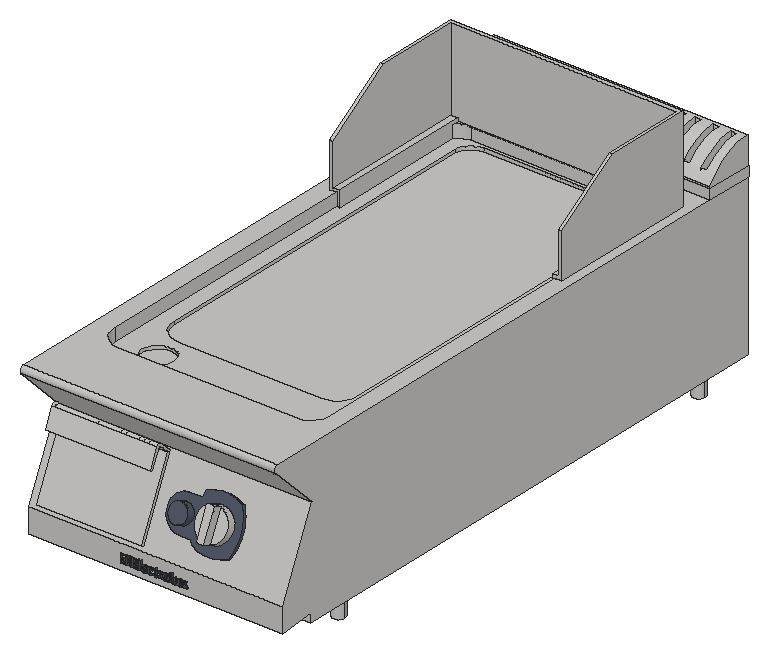
Revit family "QF_ELECTROLUXPROFESSIONAL_391053_E9FTGDCS00", category Specialty Equipment, Revit 2018
Family settings
  Round Connector Dimension = Use Diameter
  Part Type = Normal
  Work Plane-Based = No
  Always vertical = Yes
  Cut with Voids When Loaded = No
  Shared = No
  Room Calculation Point = No
Parameters
  Width = 400 mm  # constant formula
  Weight in Pounds = 55  # constant formula
  Watts = 0 W
  URL Cutsheet = "www.electrolux.com/foodservice"
  URL = "www.electrolux.com/foodservice"
  Type Mark [instance] = ""
  Status [instance] = ""
  Specification by User [instance] = ""
  Specification by Manufacturer = ""
  Show Logo [instance] = yes
  Show Clearance [instance] = yes
  Serial Number = ""
  Seismic Rating = ""
  SMACNA No = ""
  Revision Code [instance] = ""
  Omniclass Number and Title = ""
  NAFEM Spec ID Number = ""
  Model = "391053"
  Mechanical Remarks [instance] = ""
  Mechanical Connection Type [instance] = ""
  Masterspec = ""
  Manufacturer = "ELECTROLUX"
  Item Number [instance] = ""
  Installed By [instance] = ""
  Identify Quantity as Lot [instance] = yes
  Height = 410 mm  # constant formula
  HP = "0 HP"
  Gas Size = 1/2"
  Gas RI Height [instance] = 0 mm
  Gas KW [instance] = 10
  Gas Input [instance] = 34090.0 Btu/h
  Gas Connection Height = 0 mm
  Furnished By [instance] = ""
  Foodservice Equipment Identifier [instance] = yes
  Direct Waste Size = 0"
  Description = "900XP HALF MODULE GAS FRY TOP, SMOOTH SLOPED PLATE, CHROMIUM PLATED"
  Depth = 930 mm  # constant formula
  CSI MasterFormat = ""
  CSI Master Format = ""
  Base Height [instance] = 24 mm  # constant formula
Reference planes
  plane 1 "BACK": y = 0
  plane 2: z = 0
  plane 3 "LEFT": x = 0
  plane 4 "RIGHT": x = 400
  plane 5 "FRONT": y = -930
  plane 6 "TOP": z = 410
  plane 7 "Center Y": x = 200
  plane 8 "Center X": y = -465
  plane 9 "BASE": z = 24
  plane 10: y = -791
  plane 11: y = -83
  plane 12: x = 348
  plane 13: y = -1045
  plane 14: z = 275
  plane 15: y = -666
  plane 16: y = -346.873
Forms (mm)
  Extrusion 1, solid, material "QF_Clearances", visible <- "Show Clearance", detail levels coarse
    sketch origin (0, 0, 0) x (1, 0, 0) y (0, 1, 0)
      loop
        line (0, -930) -> (0, 0) -> (400.05, 0) -> (400.05, -930) -> (500.069, -930) -> (500.069, 100.019) -> (-100.019, 100.019) -> (-100.019, -930) -> (0, -930)
    from 0 to 410
  Extrusion 2, solid, material "QF_Finishes_Stainless Steel"
    sketch origin (0, -200, 0) x (0, 1, 0) y (0, 0, 1)
      loop
        line (200, 275) -> (-723.497, 275)
        arc (-723.497, 275) -> (-729.729, 270.836) -> (-728.267, 263.485) r 6.745
        line (-728.267, 263.485) -> (-657.416, 192.634) -> (-713.772, 70.59) -> (-713.772, 32.49) -> (-660.4, 38.1) -> (-660.4, 24) -> (200, 24) -> (200, 275)
    from 0 to 400.05
  Extrusion 3, void
    sketch origin (0, -202.381, 275.4) x (-1, 0, 0) y (0, -1, 0)
      loop
        arc (-55.4, -87.381) -> (-37.439, -79.942) -> (-30, -61.981) r 25.4
        line (-30, -61.981) -> (-30, 579.98)
        arc (-30, 579.98) -> (-40.99, 606.513) -> (-67.523, 617.504) r 37.523
        line (-67.523, 617.504) -> (-344.314, 617.504)
        arc (-344.314, 617.504) -> (-366.048, 608.501) -> (-375.05, 586.768) r 30.736
        line (-375.05, 586.768) -> (-375.05, -61.981)
        arc (-375.05, -61.981) -> (-367.611, -79.942) -> (-349.65, -87.381) r 25.4
        line (-349.65, -87.381) -> (-55.4, -87.381)
    from 0 to -20
  Extrusion 4, solid, material "QF_Finishes_Stainless Steel"
    sketch origin (0, -200, 0) x (1, 0, 0) y (0, 1, 0)
      loop
        circle (11.112, 117) r 9.525
      loop
        circle (11.112, -591) r 9.525
      loop
        circle (388.887, 117) r 9.525
      loop
        circle (388.888, -591) r 9.525
    from 0 to 24
  Extrusion 5, solid, material "QF_Finishes_Navy Blue - Electrolux"
    sketch origin (115.456, -913.772, 69.19) x (0, 0.419232, 0.907879) y (-1, 0, 0)
      loop
        arc (102.26, -132.62) -> (97.637, -130.762) -> (92.92, -129.161) r 90.355
        arc (92.92, -129.161) -> (93.04, -117.639) -> (92.027, -106.161) r 117.12
        arc (92.027, -106.161) -> (66.337, -82.611) -> (38.409, -103.459) r 27.322
        arc (38.409, -103.459) -> (36.611, -116.6) -> (37.509, -129.833) r 65.199
        arc (37.509, -129.833) -> (34.4, -130.94) -> (31.333, -132.16) r 90.355
        arc (31.333, -132.16) -> (24.504, -161.269) -> (31.333, -190.378) r 65.456
        arc (31.333, -190.378) -> (66.877, -199.452) -> (102.26, -189.765) r 71.728
        arc (102.26, -189.765) -> (108.852, -161.193) -> (102.26, -132.62) r 65.22
    from 0 to 3.175
  Extrusion 6, solid, material "QF_Finishes_Stainless Steel"
    sketch origin (115.456, -917.486, 68.721) x (0, 0.419232, 0.907879) y (-1, 0, 0)
      loop
        circle (68.826, -160.963) r 25.4
    from 0 to 12.7
  Extrusion 7, solid, material "QF_Finishes_Stainless Steel"
    sketch origin (115.456, -929.016, 74.045) x (0, 0.419232, 0.907879) y (-1, 0, 0)
      loop
        arc (93.558, -166.749) -> (94.226, -160.963) -> (93.558, -155.177) r 25.4
        line (93.558, -155.177) -> (44.094, -155.177)
        arc (44.094, -155.177) -> (43.426, -160.963) -> (44.094, -166.749) r 25.4
        line (44.094, -166.749) -> (93.558, -166.749)
    from 0 to 12.7
  Extrusion 8, solid, material "QF_Finishes_Navy Blue - Electrolux", visible <- "Show Logo"
    sketch origin (-142.26, -913.772, 35.853) x (0, 0, 1) y (-1, 0, 0)
      loop
        line (20.674, -296.698) -> (8.307, -296.698)
        arc (8.307, -296.698) -> (14.491, -301.27) -> (20.674, -296.698) r 6.467
      loop
        arc (20.674, -296.069) -> (19.505, -290.926) -> (14.849, -288.448) r 6.338
        line (14.849, -288.448) -> (14.849, -290.494)
        arc (14.849, -290.494) -> (16.333, -294.149) -> (19.778, -296.069) r 5.941
        line (19.778, -296.069) -> (20.674, -296.069)
      loop
        arc (9.203, -296.069) -> (12.648, -294.149) -> (14.132, -290.494) r 5.941
        line (14.132, -290.494) -> (14.132, -288.448)
        arc (14.132, -288.448) -> (9.438, -290.922) -> (8.148, -296.069) r 6.504
        line (8.148, -296.069) -> (9.203, -296.069)
      loop
        line (21.349, -287.979) -> (7.604, -287.979) -> (7.604, -301.742) -> (21.349, -301.742) -> (21.349, -287.979)
      loop
        arc (21.432, -304.71) -> (21.085, -304.352) -> (20.718, -304.69) r 0.358
        arc (20.718, -304.69) -> (20.404, -305.44) -> (19.687, -305.825) r 1.216
        line (19.687, -305.825) -> (9.274, -305.825)
        arc (9.274, -305.825) -> (8.614, -305.548) -> (8.218, -304.951) r 1.238
        arc (8.218, -304.951) -> (7.823, -304.7) -> (7.518, -305.054) r 0.358
        line (7.518, -305.054) -> (7.518, -314.933) -> (10.269, -314.933) -> (10.269, -314.036)
        arc (10.269, -314.036) -> (9.36, -313.456) -> (8.904, -312.479) r 1.928
        line (8.904, -312.479) -> (8.904, -309.98)
        arc (8.904, -309.98) -> (9.18, -309.251) -> (9.868, -308.887) r 1.101
        line (9.868, -308.887) -> (13.955, -308.887) -> (13.955, -312.561)
        arc (13.955, -312.561) -> (13.602, -313.058) -> (13.037, -313.286) r 1.083
        arc (13.037, -313.286) -> (12.773, -313.591) -> (13.065, -313.869) r 0.292
        line (13.065, -313.869) -> (16.028, -313.869)
        arc (16.028, -313.869) -> (16.33, -313.596) -> (16.092, -313.266) r 0.305
        arc (16.092, -313.266) -> (15.601, -313.018) -> (15.296, -312.561) r 1.083
        line (15.296, -312.561) -> (15.296, -308.887) -> (19.973, -308.887) -> (19.973, -312.635)
        arc (19.973, -312.635) -> (19.759, -313.39) -> (19.153, -313.888) r 1.314
        arc (19.153, -313.888) -> (18.934, -314.292) -> (19.288, -314.585) r 0.361
        line (19.288, -314.585) -> (21.432, -314.585) -> (21.432, -304.71)
      loop
        arc (20.715, -315.365) -> (20.335, -316.284) -> (19.416, -316.664) r 1.299
        line (19.416, -316.664) -> (9.837, -316.664)
        arc (9.837, -316.664) -> (8.999, -316.286) -> (8.728, -315.408) r 1.118
        line (8.728, -315.408) -> (7.518, -315.408) -> (7.518, -320.758) -> (8.706, -320.758)
        arc (8.706, -320.758) -> (8.978, -319.841) -> (9.848, -319.445) r 1.153
        line (9.848, -319.445) -> (21.92, -319.445) -> (20.715, -315.365)
      loop
        line (12.483, -323.394) -> (12.483, -329.842) -> (13.282, -329.842)
        arc (13.282, -329.842) -> (15.862, -328.857) -> (17.131, -326.404) r 3.874
        line (17.131, -326.404) -> (17.131, -324.643)
        arc (17.131, -324.643) -> (15.944, -321.778) -> (13.08, -320.592) r 4.051
        line (13.08, -320.592) -> (11.072, -320.592)
        arc (11.072, -320.592) -> (8.253, -322.077) -> (7.202, -325.084) r 4.352
        arc (7.202, -325.084) -> (7.566, -327.547) -> (8.943, -329.621) r 5.713
        line (8.943, -329.621) -> (9.892, -329.621)
        arc (9.892, -329.621) -> (9.16, -328.052) -> (8.943, -326.334) r 5.579
        arc (8.943, -326.334) -> (9.737, -324.371) -> (11.616, -323.394) r 3.057
        line (11.616, -323.394) -> (12.483, -323.394)
      loop
        line (13.742, -323.394) -> (13.742, -326.977)
        arc (13.742, -326.977) -> (15.199, -327.024) -> (16.082, -325.864) r 1.59
        line (16.082, -325.864) -> (16.082, -325.034)
        arc (16.082, -325.034) -> (15.217, -323.779) -> (13.742, -323.394) r 2.184
      loop
        arc (16.533, -339.259) -> (17.022, -337.585) -> (17.179, -335.848) r 9.023
        line (17.179, -335.848) -> (17.179, -334.486)
        arc (17.179, -334.486) -> (16.02, -331.686) -> (13.22, -330.527) r 3.959
        line (13.22, -330.527) -> (10.62, -330.527)
        arc (10.62, -330.527) -> (8.338, -331.819) -> (7.221, -334.192) r 4.331
        line (7.221, -334.192) -> (7.221, -336.327)
        arc (7.221, -336.327) -> (7.729, -337.877) -> (8.651, -339.223) r 5.772
        arc (8.651, -339.223) -> (9.412, -339.274) -> (9.499, -338.515) r 0.553
        arc (9.499, -338.515) -> (9.111, -337.781) -> (8.977, -336.962) r 2.573
        line (8.977, -336.962) -> (8.977, -335.447)
        arc (8.977, -335.447) -> (9.983, -333.806) -> (11.798, -333.163) r 2.884
        line (11.798, -333.163) -> (13.077, -333.163)
        arc (13.077, -333.163) -> (14.898, -333.723) -> (15.824, -335.388) r 2.554
        line (15.824, -335.388) -> (15.824, -336.441)
        arc (15.824, -336.441) -> (15.493, -337.369) -> (14.836, -338.104) r 2.564
        arc (14.836, -338.104) -> (14.614, -338.821) -> (15.223, -339.259) r 0.643
        line (15.223, -339.259) -> (16.533, -339.259)
      loop
        line (15.515, -339.53) -> (15.515, -341.031) -> (9.467, -341.031)
        arc (9.467, -341.031) -> (7.879, -341.688) -> (7.221, -343.276) r 2.246
        line (7.221, -343.276) -> (7.221, -344.86)
        arc (7.221, -344.86) -> (7.535, -345.725) -> (8.035, -346.496) r 4.06
        arc (8.035, -346.496) -> (8.768, -346.629) -> (9.019, -345.928) r 0.576
        arc (9.019, -345.928) -> (8.913, -345.403) -> (8.977, -344.87) r 1.69
        arc (8.977, -344.87) -> (9.519, -344.082) -> (10.425, -343.779) r 1.506
        line (10.425, -343.779) -> (15.563, -343.779) -> (15.563, -346.176) -> (16.119, -346.733) -> (16.941, -346.733) -> (16.941, -343.873) -> (20.172, -343.873) -> (15.515, -339.53)
      loop
        line (7.438, -347.63) -> (7.438, -353.017) -> (8.548, -353.017)
        arc (8.548, -353.017) -> (8.942, -352.066) -> (9.893, -351.672) r 1.345
        line (9.893, -351.672) -> (13.509, -351.672)
        arc (13.509, -351.672) -> (14.274, -352.264) -> (14.564, -353.186) r 1.615
        line (14.564, -353.186) -> (14.564, -354.742) -> (17.119, -355.427) -> (17.119, -354.044) -> (15.177, -351.485) -> (17.057, -351.485) -> (16.773, -348.779)
        arc (16.773, -348.779) -> (16.333, -348.249) -> (15.674, -348.45) r 0.621
        arc (15.674, -348.45) -> (15.274, -348.792) -> (14.78, -348.975) r 1.501
        line (14.78, -348.975) -> (9.893, -348.975)
        arc (9.893, -348.975) -> (8.942, -348.581) -> (8.548, -347.63) r 1.345
        line (8.548, -347.63) -> (7.438, -347.63)
      loop
        line (13.54, -354.964) -> (10.848, -354.964)
        arc (10.848, -354.964) -> (8.403, -356.272) -> (7.269, -358.803) r 4.288
        arc (7.269, -358.803) -> (7.205, -360.183) -> (7.269, -361.563) r 15.022
        arc (7.269, -361.563) -> (8.403, -364.094) -> (10.848, -365.401) r 4.288
        line (10.848, -365.401) -> (13.54, -365.401)
        arc (13.54, -365.401) -> (15.986, -364.094) -> (17.119, -361.563) r 4.288
        arc (17.119, -361.563) -> (17.183, -360.183) -> (17.119, -358.803) r 15.022
        arc (17.119, -358.803) -> (15.986, -356.272) -> (13.54, -354.964) r 4.288
      loop
        line (13.745, -358.078) -> (10.643, -358.078)
        arc (10.643, -358.078) -> (8.486, -360.235) -> (10.643, -362.392) r 2.157
        line (10.643, -362.392) -> (13.745, -362.392)
        arc (13.745, -362.392) -> (15.902, -360.235) -> (13.745, -358.078) r 2.157
      loop
        arc (20.726, -365.26) -> (20.355, -366.154) -> (19.461, -366.524) r 1.264
        line (19.461, -366.524) -> (9.597, -366.524)
        arc (9.597, -366.524) -> (8.727, -366.127) -> (8.455, -365.211) r 1.153
        line (8.455, -365.211) -> (7.518, -365.211) -> (7.518, -370.319) -> (8.446, -370.319)
        arc (8.446, -370.319) -> (8.805, -369.547) -> (9.597, -369.232) r 1.153
        line (9.597, -369.232) -> (21.92, -369.232) -> (20.726, -365.26)
      loop
        arc (15.846, -369.857) -> (15.647, -370.921) -> (14.678, -371.403) r 1.215
        line (14.678, -371.403) -> (9.658, -371.403)
        arc (9.658, -371.403) -> (8.043, -372.051) -> (7.322, -373.634) r 2.338
        line (7.322, -373.634) -> (7.322, -375.148)
        arc (7.322, -375.148) -> (7.497, -376.152) -> (7.999, -377.038) r 2.979
        line (7.999, -377.038) -> (7.518, -378.835) -> (7.518, -380.524) -> (16.943, -380.524) -> (16.649, -376.32) -> (15.863, -376.32)
        arc (15.863, -376.32) -> (15.507, -377.156) -> (14.755, -377.665) r 1.605
        line (14.755, -377.665) -> (9.652, -377.665)
        arc (9.652, -377.665) -> (9.232, -376.728) -> (9.159, -375.704) r 2.94
        arc (9.159, -375.704) -> (9.72, -374.603) -> (10.873, -374.16) r 1.724
        line (10.873, -374.16) -> (17.07, -374.16) -> (15.846, -369.857)
      loop
        line (16.874, -381.377) -> (15.202, -383.423) -> (12.028, -385.729) -> (8.572, -382.617)
        arc (8.572, -382.617) -> (8.335, -382.223) -> (8.357, -381.764) r 0.789
        line (8.357, -381.764) -> (7.518, -381.764) -> (7.518, -385.309) -> (8.344, -385.309)
        arc (8.344, -385.309) -> (8.686, -384.947) -> (9.176, -385.039) r 0.52
        line (9.176, -385.039) -> (10.976, -386.51) -> (8.858, -387.886)
        arc (8.858, -387.886) -> (8.457, -387.576) -> (8.37, -387.076) r 0.7
        line (8.37, -387.076) -> (7.518, -387.076) -> (7.518, -393.003) -> (8.405, -393.003)
        arc (8.405, -393.003) -> (8.472, -392.344) -> (8.866, -391.813) r 1.247
        line (8.866, -391.813) -> (13.066, -388.532) -> (15.513, -390.585) -> (16.874, -392.327) -> (16.874, -388.604) -> (15.389, -389.026) -> (13.868, -387.749) -> (15.568, -386.559) -> (16.874, -387.336) -> (16.874, -381.377)
    from 0 to 1.644
  Extrusion 9, solid, material "QF_Finishes_Stainless Steel"
    sketch origin (0, -200, 0) x (0, 1, 0) y (0, 0, 1)
      loop
        line (-658.831, 188.559) -> (-675.238, 204.966)
        arc (-675.238, 204.966) -> (-679.705, 206.368) -> (-683.409, 203.504) r 5.058
        line (-683.409, 203.504) -> (-696.071, 175.994) -> (-693.187, 174.666) -> (-680.525, 202.176)
        arc (-680.525, 202.176) -> (-679.146, 203.243) -> (-677.483, 202.721) r 1.883
        line (-677.483, 202.721) -> (-662.64, 187.878) -> (-713.474, 77.433) -> (-710.589, 76.105) -> (-658.831, 188.559)
    from 12.7 to 177.8
  Extrusion 10, solid, material "QF_Door-Drawer Clearances", visible <- "Show Clearance", detail levels coarse
    sketch origin (0, -301.6, 0) x (0, 1, 0) y (0, 0, 1)
      loop
        line (-576.323, 206.368) -> (-709.631, 206.368)
        arc (-709.631, 206.368) -> (-711.835, 205.39) -> (-713.335, 203.504) r 5.058
        line (-713.335, 203.504) -> (-725.997, 175.994) -> (-723.113, 174.666) -> (-710.451, 202.176)
        arc (-710.451, 202.176) -> (-709.072, 203.243) -> (-707.409, 202.721) r 1.883
        line (-707.409, 202.721) -> (-692.566, 187.878) -> (-743.4, 77.433) -> (-740.516, 76.105) -> (-608.989, 76.105) -> (-557.231, 188.559) -> (-573.638, 204.966)
        arc (-573.638, 204.966) -> (-574.873, 205.873) -> (-576.323, 206.368) r 5.058
    from 12.7 to 177.8
  Extrusion 11, solid, material "QF_Finishes_Stainless Steel"
    sketch origin (0, 0, 24) x (-1, 0, 0) y (0, 1, 0)
      loop
        circle (-348.05, -666) r 6.4
    from 0 to 18
  Extrusion 12, solid, material "QF_Finishes_Stainless Steel"
    sketch origin (0, -200, 0) x (0, -1, 0) y (0, 0, 1)
      loop
        line (-124.988, 275) -> (-124.988, 290) -> (-200, 290) -> (-200, 275) -> (-124.988, 275)
    from 0 to -400.05
  Extrusion 13, solid, material "QF_Finishes_Stainless Steel"
    sketch origin (0, 0, 0) x (0, 1, 0) y (0, 0, 1)
      loop
        line (0, 290) -> (0, 333.762)
        arc (0, 333.762) -> (-42.919, 323.313) -> (-75.012, 292.959) r 86.116
        line (-75.012, 292.959) -> (-75.012, 290) -> (0, 290)
    from 0 to 400
  Extrusion 14, void
    sketch origin (0, 0, 273.238) x (-1, 0, 0) y (0, -1, 0)
      loop
        line (-13.453, 6.761) -> (-13.453, 63.911) -> (-22.749, 63.911) -> (-22.749, 6.761) -> (-13.453, 6.761)
    from 25.4 to 63.5
  Extrusion 15, void
    sketch origin (400.05, 0, 273.238) x (1, 0, 0) y (0, 1, 0)
      loop
        line (-13.503, -6.761) -> (-22.799, -6.761) -> (-22.799, -63.911) -> (-13.503, -63.911) -> (-13.503, -6.761)
    from 25.4 to 63.5
  Extrusion 16, void
    sketch origin (27.988, 0, 273.238) x (-1, 0, 0) y (0, -1, 0)
      loop
        line (-13.453, 6.761) -> (-13.453, 63.911) -> (-22.749, 63.911) -> (-22.749, 6.761) -> (-13.453, 6.761)
    from 25.4 to 63.5
  Extrusion 17, void
    sketch origin (55.977, 0, 273.238) x (-1, 0, 0) y (0, -1, 0)
      loop
        line (-13.453, 6.761) -> (-13.453, 63.911) -> (-22.749, 63.911) -> (-22.749, 6.761) -> (-13.453, 6.761)
    from 25.4 to 63.5
  Extrusion 18, void
    sketch origin (83.965, 0, 273.238) x (-1, 0, 0) y (0, -1, 0)
      loop
        line (-13.428, 6.761) -> (-13.428, 63.911) -> (-22.724, 63.911) -> (-22.724, 6.761) -> (-13.428, 6.761)
    from 25.4 to 63.5
  Extrusion 19, void
    sketch origin (111.953, 0, 273.238) x (-1, 0, 0) y (0, -1, 0)
      loop
        line (-13.428, 6.761) -> (-13.428, 63.911) -> (-22.724, 63.911) -> (-22.724, 6.761) -> (-13.428, 6.761)
    from 25.4 to 63.5
  Extrusion 20, void
    sketch origin (139.942, 0, 273.238) x (-1, 0, 0) y (0, -1, 0)
      loop
        line (-13.428, 6.761) -> (-13.428, 63.911) -> (-22.724, 63.911) -> (-22.724, 6.761) -> (-13.428, 6.761)
    from 25.4 to 63.5
  Extrusion 21, void
    sketch origin (167.93, 0, 273.238) x (-1, 0, 0) y (0, -1, 0)
      loop
        line (-13.428, 6.761) -> (-13.428, 63.911) -> (-22.724, 63.911) -> (-22.724, 6.761) -> (-13.428, 6.761)
    from 25.4 to 63.5
  Extrusion 22, void
    sketch origin (307.872, 0, 273.238) x (-1, 0, 0) y (0, -1, 0)
      loop
        line (-13.403, 6.761) -> (-13.403, 63.911) -> (-22.699, 63.911) -> (-22.699, 6.761) -> (-13.403, 6.761)
    from 25.4 to 63.5
  Extrusion 23, void
    sketch origin (335.86, 0, 273.238) x (-1, 0, 0) y (0, -1, 0)
      loop
        line (-13.403, 6.761) -> (-13.403, 63.911) -> (-22.699, 63.911) -> (-22.699, 6.761) -> (-13.403, 6.761)
    from 25.4 to 63.5
  Extrusion 24, void
    sketch origin (228.013, 0, 273.238) x (-1, 0, 0) y (0, -1, 0)
      loop
        line (-13.428, 6.761) -> (-13.428, 63.911) -> (-22.724, 63.911) -> (-22.724, 6.761) -> (-13.428, 6.761)
    from 25.4 to 63.5
  Extrusion 25, void
    sketch origin (256.002, 0, 273.238) x (-1, 0, 0) y (0, -1, 0)
      loop
        line (-13.428, 6.761) -> (-13.428, 63.911) -> (-22.724, 63.911) -> (-22.724, 6.761) -> (-13.428, 6.761)
    from 25.4 to 63.5
  Extrusion 26, void
    sketch origin (283.99, 0, 273.238) x (-1, 0, 0) y (0, -1, 0)
      loop
        line (-13.403, 6.761) -> (-13.403, 63.911) -> (-22.699, 63.911) -> (-22.699, 6.761) -> (-13.403, 6.761)
    from 25.4 to 63.5
  Extrusion 27, void
    sketch origin (200.025, 0, 273.238) x (-1, 0, 0) y (0, -1, 0)
      loop
        line (-13.428, 6.761) -> (-13.428, 63.911) -> (-22.724, 63.911) -> (-22.724, 6.761) -> (-13.428, 6.761)
    from 25.4 to 63.5
  Extrusion 28, void
    sketch origin (0, -202.381, 255.4) x (0, -1, 0) y (-1, 0, 0)
      loop
        arc (-56.619, -55) -> (-74.579, -62.439) -> (-82.019, -80.4) r 25.4
        line (-82.019, -80.4) -> (-82.019, -322.6)
        arc (-82.019, -322.6) -> (-74.579, -340.561) -> (-56.619, -348) r 25.4
        line (-56.619, -348) -> (501.768, -348)
        arc (501.768, -348) -> (523.501, -338.998) -> (532.504, -317.264) r 30.736
        line (532.504, -317.264) -> (532.504, -92.523)
        arc (532.504, -92.523) -> (521.513, -65.99) -> (494.98, -55) r 37.523
        line (494.98, -55) -> (-56.619, -55)
      loop
        circle (572.619, -92.5) r 25
    from 0 to 5
  Extrusion 29, solid, material "QF_Finishes_Navy Blue - Electrolux"
    sketch origin (115.456, -916.655, 70.521) x (0, 0.419232, 0.907879) y (-1, 0, 0)
      loop
        circle (65.09, -109.237) r 15
    from 0 to 12.7
  Extrusion 30, solid, material "QF_Finishes_Stainless Steel"
    sketch origin (0, 0, 275) x (0, 0, -1) y (-1, 0, 0)
      loop
        line (19.6, -30) -> (0, -30) -> (0, -20) -> (-135, -20) -> (-135, -25) -> (-5, -25) -> (-5, -35) -> (19.6, -35) -> (19.6, -30)
      loop
        line (19.6, -375.05) -> (19.6, -370.05) -> (-5, -370.05) -> (-5, -380.05) -> (-135, -380.05) -> (-135, -385.05) -> (0, -385.05) -> (0, -375.05) -> (19.6, -375.05)
    from -110 to -346.873
  Extrusion 31, void
    sketch origin (385.05, 0, 292.959) x (0, 0, -1) y (0, -1, 0)
      loop
        line (-52.041, 346.873) -> (-117.041, 346.873) -> (-117.041, 246.781) -> (-52.041, 346.873)
    from 0 to 12.7
  Extrusion 32, void
    sketch origin (25, 0, 292.959) x (0, 0, -1) y (0, -1, 0)
      loop
        line (-52.041, 346.873) -> (-117.041, 346.873) -> (-117.041, 246.781) -> (-52.041, 346.873)
    from 0 to 12.7
  Extrusion 33, solid, material "QF_Finishes_Stainless Steel"
    sketch origin (0, -110, 275) x (0, 0, -1) y (-1, 0, 0)
      loop
        line (-135, -20) -> (-135, -385.05) -> (0, -385.05) -> (0, -20) -> (-135, -20)
    from 0 to -5
Cuts and joins
  Extrusion 3, Extrusion 28 cuts Extrusion 2
  Extrusion 14, Extrusion 15, Extrusion 16, Extrusion 17, Extrusion 18, Extrusion 19, Extrusion 20, Extrusion 21, Extrusion 22, Extrusion 23, Extrusion 24, Extrusion 25, Extrusion 26, Extrusion 27 cuts Extrusion 13
  Extrusion 24 cuts Extrusion 1
  Extrusion 31, Extrusion 32 cuts Extrusion 30
  joined: Extrusion 30, Extrusion 33
Lines and regions (mm)
  Split face 1
    outline origin (115.456, -928.185, 75.846) x (0, 0.419232, 0.907879) y (-1, 0, 0)
      loop
        line (78.679, -108.296) -> (67.103, -108.296) -> (67.103, -110.296) -> (78.679, -110.296) -> (78.679, -108.296)
  symbolic lines, style "QF_Clearances", visible <- "Show Clearance", detail levels coarse
    curve 1: line (-100.019, 100.019, 276.225) -> (-100.019, -930, 276.225)
    curve 2: line (500.069, 100.019, 276.225) -> (-100.019, 100.019, 276.225)
    curve 3: line (500.069, -930, 276.225) -> (500.069, 100.019, 276.225)
  symbolic lines
    curve 4: line (0, -75.012, 276.225) -> (400.05, -75.012, 276.225)
    curve 5: line (0, -930.25, 276.225) -> (0, 0, 276.225)
    curve 6: line (400.05, 0, 276.225) -> (400.05, -930.25, 276.225)
    curve 7: line (30, -346.873, 276.225) -> (30, -782.362, 276.225)
    curve 8: arc (30, -782.362, 276.225) -> (40.99, -808.895, 276.225) -> (67.523, -819.885, 276.225) r 37.523
    curve 9: arc (344.314, -819.885, 276.225) -> (366.048, -810.883, 276.225) -> (375.05, -789.149, 276.225) r 30.736
    curve 10: line (375.05, -789.149, 276.225) -> (375.05, -346.873, 276.225)
    curve 11: line (400.05, -930.25, 276.225) -> (0, -930.25, 276.225)
    curve 12: line (67.523, -819.885, 276.225) -> (344.314, -819.885, 276.225)
    curve 16: line (0, 0, 276.225) -> (400.05, 0, 276.225)
    curve 17: line (22.749, -6.761, 276.225) -> (22.749, -63.911, 276.225)
    curve 18: line (22.749, -63.911, 276.225) -> (13.453, -63.911, 276.225)
    curve 19: line (13.453, -63.911, 276.225) -> (13.453, -6.761, 276.225)
    curve 20: line (13.453, -6.761, 276.225) -> (22.749, -6.761, 276.225)
    curve 21: line (50.737, -6.761, 276.225) -> (50.737, -63.911, 276.225)
    curve 22: line (50.737, -63.911, 276.225) -> (41.441, -63.911, 276.225)
    curve 23: line (41.441, -63.911, 276.225) -> (41.441, -6.761, 276.225)
    curve 24: line (41.441, -6.761, 276.225) -> (50.737, -6.761, 276.225)
    curve 25: line (78.725, -6.761, 276.225) -> (78.725, -63.911, 276.225)
    curve 26: line (78.725, -63.911, 276.225) -> (69.43, -63.911, 276.225)
    curve 27: line (69.43, -63.911, 276.225) -> (69.43, -6.761, 276.225)
    curve 28: line (69.43, -6.761, 276.225) -> (78.725, -6.761, 276.225)
    curve 29: line (106.689, -6.761, 276.225) -> (106.689, -63.911, 276.225)
    curve 30: line (106.689, -63.911, 276.225) -> (97.393, -63.911, 276.225)
    curve 31: line (97.393, -63.911, 276.225) -> (97.393, -6.761, 276.225)
    curve 32: line (97.393, -6.761, 276.225) -> (106.689, -6.761, 276.225)
    curve 33: line (134.677, -6.761, 276.225) -> (134.677, -63.911, 276.225)
    curve 34: line (134.677, -63.911, 276.225) -> (125.381, -63.911, 276.225)
    curve 35: line (125.381, -63.911, 276.225) -> (125.381, -6.761, 276.225)
    curve 36: line (125.381, -6.761, 276.225) -> (134.677, -6.761, 276.225)
    curve 37: line (162.665, -6.761, 276.225) -> (162.665, -63.911, 276.225)
    curve 38: line (162.665, -63.911, 276.225) -> (153.37, -63.911, 276.225)
    curve 39: line (153.37, -63.911, 276.225) -> (153.37, -6.761, 276.225)
    curve 40: line (153.37, -6.761, 276.225) -> (162.665, -6.761, 276.225)
    curve 41: line (190.654, -6.761, 276.225) -> (190.654, -63.911, 276.225)
    curve 42: line (190.654, -63.911, 276.225) -> (181.358, -63.911, 276.225)
    curve 43: line (181.358, -63.911, 276.225) -> (181.358, -6.761, 276.225)
    curve 44: line (181.358, -6.761, 276.225) -> (190.654, -6.761, 276.225)
    curve 45: line (222.749, -6.761, 276.225) -> (222.749, -63.911, 276.225)
    curve 46: line (222.749, -63.911, 276.225) -> (213.453, -63.911, 276.225)
    curve 47: line (213.453, -63.911, 276.225) -> (213.453, -6.761, 276.225)
    curve 48: line (213.453, -6.761, 276.225) -> (222.749, -6.761, 276.225)
    curve 49: line (250.737, -6.761, 276.225) -> (250.737, -63.911, 276.225)
    curve 50: line (250.737, -63.911, 276.225) -> (241.441, -63.911, 276.225)
    curve 51: line (241.441, -63.911, 276.225) -> (241.441, -6.761, 276.225)
    curve 52: line (241.441, -6.761, 276.225) -> (250.737, -6.761, 276.225)
    curve 53: line (278.725, -6.761, 276.225) -> (278.725, -63.911, 276.225)
    curve 54: line (278.725, -63.911, 276.225) -> (269.43, -63.911, 276.225)
    curve 55: line (269.43, -63.911, 276.225) -> (269.43, -6.761, 276.225)
    curve 56: line (269.43, -6.761, 276.225) -> (278.725, -6.761, 276.225)
    curve 57: line (306.689, -6.761, 276.225) -> (306.689, -63.911, 276.225)
    curve 58: line (306.689, -63.911, 276.225) -> (297.393, -63.911, 276.225)
    curve 59: line (297.393, -63.911, 276.225) -> (297.393, -6.761, 276.225)
    curve 60: line (297.393, -6.761, 276.225) -> (306.689, -6.761, 276.225)
    curve 61: line (330.57, -6.761, 276.225) -> (330.57, -63.911, 276.225)
    curve 62: line (330.57, -63.911, 276.225) -> (321.275, -63.911, 276.225)
    curve 63: line (321.275, -63.911, 276.225) -> (321.275, -6.761, 276.225)
    curve 64: line (321.275, -6.761, 276.225) -> (330.57, -6.761, 276.225)
    curve 65: line (358.559, -6.761, 276.225) -> (358.559, -63.911, 276.225)
    curve 66: line (358.559, -63.911, 276.225) -> (349.263, -63.911, 276.225)
    curve 67: line (349.263, -63.911, 276.225) -> (349.263, -6.761, 276.225)
    curve 68: line (349.263, -6.761, 276.225) -> (358.559, -6.761, 276.225)
    curve 69: line (386.547, -6.761, 276.225) -> (386.547, -63.911, 276.225)
    curve 70: line (386.547, -63.911, 276.225) -> (377.251, -63.911, 276.225)
    curve 71: line (377.251, -63.911, 276.225) -> (377.251, -6.761, 276.225)
    curve 72: line (377.251, -6.761, 276.225) -> (386.547, -6.761, 276.225)
    curve 73: line (20, -110, 276.225) -> (20, -346.873, 276.225)
    curve 74: line (385.05, -110, 276.225) -> (20, -110, 276.225)
    curve 75: line (385.05, -346.873, 276.225) -> (385.05, -110, 276.225)
    curve 76: line (20, -346.873, 276.225) -> (35, -346.873, 276.225)
    curve 77: line (370.05, -346.873, 276.225) -> (385.05, -346.873, 276.225)
    curve 78: arc (55, -145.762, 276.225) -> (62.439, -127.802, 276.225) -> (80.4, -120.362, 276.225) r 25.4
    curve 79: line (80.4, -120.362, 276.225) -> (322.6, -120.362, 276.225)
    curve 80: arc (322.6, -120.362, 276.225) -> (340.561, -127.802, 276.225) -> (348, -145.762, 276.225) r 25.4
    curve 81: line (348, -145.762, 276.225) -> (348, -704.149, 276.225)
    curve 82: arc (348, -704.149, 276.225) -> (338.998, -725.883, 276.225) -> (317.264, -734.885, 276.225) r 30.736
    curve 83: line (317.264, -734.885, 276.225) -> (92.523, -734.885, 276.225)
    curve 84: arc (92.523, -734.885, 276.225) -> (65.99, -723.895, 276.225) -> (55, -697.362, 276.225) r 37.523
    curve 85: line (55, -697.362, 276.225) -> (55, -145.762, 276.225)
    curve 86: line (370.05, -346.873, 276.225) -> (370.05, -115, 276.225)
    curve 87: line (380.05, -115, 276.225) -> (380.05, -346.873, 276.225)
    curve 88: line (35, -346.873, 276.225) -> (35, -115, 276.225)
    curve 89: line (25, -346.873, 276.225) -> (25, -115, 276.225)
    curve 90: line (35, -115, 276.225) -> (380.05, -115, 276.225)
    curve 91: arc (370.05, -125.267, 276.225) -> (361.069, -117.712, 276.225) -> (349.65, -115, 276.225) r 25.4
    curve 92: arc (55.4, -115, 276.225) -> (43.981, -117.712, 276.225) -> (35, -125.267, 276.225) r 25.4
    curve 93: arc (92.5, -750, 276.225) -> (117.5, -775, 276.225) -> (92.5, -800, 276.225) r 25
    curve 94: arc (92.5, -800, 276.225) -> (67.5, -775, 276.225) -> (92.5, -750, 276.225) r 25
  symbolic lines, style "QF_Door-Drawer Clearances", visible <- "Show Clearance", detail levels coarse
    curve 13: line (12.7, -930.25, 276.225) -> (12.7, -1045, 276.225)
    curve 14: line (12.7, -1045, 276.225) -> (177.8, -1045, 276.225)
    curve 15: line (177.8, -1045, 276.225) -> (177.8, -930.25, 276.225)
Dimensions and locks
  equal spacing: plane 3 "LEFT", plane 7 "Center Y", plane 4 "RIGHT"
  "Width": plane 3 "LEFT" to plane 4 "RIGHT"
  equal spacing: plane 5 "FRONT", plane 8 "Center X", plane 1 "BACK"
  "Depth": plane 5 "FRONT" to plane 1 "BACK"
  plane 1 "BACK" to plane 5 "FRONT" = 930 mm
  "Base Height": plane 9 "BASE" to level
  plane 9 "BASE" to level = 24 mm
  plane 6 "TOP" to level = 410 mm
  plane 6 "TOP" to plane 9 "BASE" = 386 mm
  plane 13 to plane 1 "BACK" = 1045 mm
  plane 5 "FRONT" to plane 1 "BACK" = 930 mm
  Extrusion 4 sketch curve to plane 1 "BACK" = 83 mm
  plane 10 to plane 11 to plane 1 "BACK" = 708 mm, 83 mm
  Extrusion 4 sketch curve to Extrusion 4 sketch curve = 708 mm
  plane 5 "FRONT" to plane 10 = 139 mm
  Extrusion 11 to plane 9 "BASE" = 18 mm
  plane 14 to plane 9 "BASE" = 251 mm
  plane 15 to plane 1 "BACK" = 666 mm
  plane 9 "BASE" to plane 2 = 24 mm
  cut or joined group of Extrusion 13, Extrusion 14, Extrusion 15, Extrusion 16, Extrusion 17, Extrusion 18, Extrusion 19, Extrusion 20, Extrusion 21, Extrusion 22, Extrusion 23, Extrusion 24, Extrusion 25, Extrusion 26, Extrusion 27 to plane 9 "BASE" = 266 mm
  plane 5 "FRONT" to Extrusion 28 sketch curve = 155 mm
  aligned and locked: level to plane 2
  aligned and locked: plane 9 "BASE" to Extrusion 4
Automatic sketch dimensions
  plane 5 "FRONT" to Extrusion 1 sketch curve = 0 mm  (x2)
  plane 1 "BACK" to Extrusion 1 sketch curve = 0 mm
  Extrusion 1 sketch curve to plane 3 "LEFT" = 0 mm
  Extrusion 1 sketch curve to plane 3 "LEFT" = 100.019 mm
  plane 4 "RIGHT" to Extrusion 1 sketch curve = 0.05 mm
  Extrusion 1 sketch curve to Extrusion 1 sketch curve = 100.019 mm
  Extrusion 1 sketch curve to plane 1 "BACK" = 100.019 mm
  Extrusion 2 sketch curve to plane 14 = 0 mm
  Extrusion 2 sketch curve to plane 9 "BASE" = 0 mm
  Extrusion 2 sketch curve to plane 1 "BACK" = 0 mm
  plane 10 to Extrusion 2 sketch curve = 66.416 mm
  plane 9 "BASE" to Extrusion 2 sketch curve = 14.1 mm
  plane 10 to Extrusion 2 sketch curve = 69.4 mm
  Extrusion 2 sketch curve to plane 5 "FRONT" = 16.228 mm
  Extrusion 2 sketch curve to plane 5 "FRONT" = 6.503 mm
  Extrusion 2 sketch curve to plane 5 "FRONT" = 1.733 mm
  plane 9 "BASE" to Extrusion 2 sketch curve = 8.49 mm
  Extrusion 2 sketch curve to Extrusion 2 sketch curve = 38.1 mm
  Extrusion 2 sketch curve to plane 14 = 82.366 mm
  Extrusion 2 sketch curve to plane 14 = 11.515 mm
  plane 10 to Extrusion 4 sketch curve = 0 mm
  plane 11 to Extrusion 4 sketch curve = 0 mm
  plane 3 "LEFT" to Extrusion 4 sketch curve = 11.112 mm  (x2)
  Extrusion 4 sketch curve to plane 4 "RIGHT" = 11.113 mm  (x2)
  Extrusion 5 sketch curve to Extrusion 5 sketch curve = 0 mm  (x5)
  plane 7 "Center Y" to Extrusion 5 sketch curve = 37.638 mm
  Extrusion 5 sketch curve to Extrusion 5 sketch curve = 55.325 mm
  plane 12 to Extrusion 5 sketch curve = 42.166 mm
  Extrusion 5 sketch curve to Extrusion 5 sketch curve = 6.176 mm
  Extrusion 5 sketch curve to Extrusion 5 sketch curve = 0.9 mm
  Extrusion 5 sketch curve to Extrusion 5 sketch curve = 12.3 mm  (x2)
  Extrusion 5 sketch curve to Extrusion 5 sketch curve = 26.552 mm
  plane 12 to Extrusion 5 sketch curve = 17.051 mm
  Extrusion 5 sketch curve to Extrusion 5 sketch curve = 34.925 mm
  Extrusion 5 sketch curve to Extrusion 5 sketch curve = 1.296 mm
  Extrusion 5 sketch curve to Extrusion 5 sketch curve = 23.703 mm
  plane 7 "Center Y" to Extrusion 5 sketch curve = 21.617 mm
  Extrusion 5 sketch curve to Extrusion 5 sketch curve = 27.065 mm
  Extrusion 5 sketch curve to Extrusion 5 sketch curve = 0.893 mm
  Extrusion 5 sketch curve to Extrusion 5 sketch curve = 8.853 mm
  Extrusion 5 sketch curve to Extrusion 5 sketch curve = 9.34 mm
  Extrusion 5 sketch curve to Extrusion 5 sketch curve = 28.496 mm
  Extrusion 7 sketch curve to Extrusion 7 sketch curve = 24.732 mm
  Extrusion 7 sketch curve to Extrusion 7 sketch curve = 0 mm
  plane 9 "BASE" to Extrusion 8 sketch curve = 14.013 mm
  plane 9 "BASE" to Extrusion 8 sketch curve = 19.054 mm
  plane 7 "Center Y" to Extrusion 8 sketch curve = 2.6 mm
  Extrusion 8 sketch curve to Extrusion 8 sketch curve = 5.06 mm
  Extrusion 8 sketch curve to Extrusion 8 sketch curve = 0 mm  (x28)
  Extrusion 8 sketch curve to Extrusion 8 sketch curve = 5.108 mm  (x2)
  Extrusion 8 sketch curve to Extrusion 8 sketch curve = 0.054 mm
  Extrusion 8 sketch curve to Extrusion 8 sketch curve = 0.218 mm
  Extrusion 8 sketch curve to Extrusion 8 sketch curve = 0.195 mm
  Extrusion 8 sketch curve to Extrusion 8 sketch curve = 0.249 mm
  plane 9 "BASE" to Extrusion 8 sketch curve = 19.371 mm
  Extrusion 8 sketch curve to Extrusion 8 sketch curve = 0.087 mm
  Extrusion 8 sketch curve to Extrusion 8 sketch curve = 0.358 mm
  Extrusion 8 sketch curve to Extrusion 8 sketch curve = 0.481 mm
  Extrusion 8 sketch curve to Extrusion 8 sketch curve = 0.597 mm
  Extrusion 8 sketch curve to Extrusion 8 sketch curve = 0.544 mm
  Extrusion 8 sketch curve to Extrusion 8 sketch curve = 0.936 mm
  Extrusion 8 sketch curve to Extrusion 8 sketch curve = 0.594 mm
  Extrusion 8 sketch curve to Extrusion 8 sketch curve = 0.343 mm
  Extrusion 8 sketch curve to Extrusion 8 sketch curve = 0.159 mm
  Extrusion 8 sketch curve to Extrusion 8 sketch curve = 0.826 mm
  Extrusion 8 sketch curve to Extrusion 8 sketch curve = 0.839 mm
  Extrusion 8 sketch curve to Extrusion 8 sketch curve = 0.852 mm
  Extrusion 8 sketch curve to Extrusion 8 sketch curve = 0.887 mm
  Extrusion 8 sketch curve to Extrusion 8 sketch curve = 0.928 mm
  Extrusion 8 sketch curve to Extrusion 8 sketch curve = 0.938 mm
  Extrusion 8 sketch curve to Extrusion 8 sketch curve = 0.444 mm
  Extrusion 8 sketch curve to Extrusion 8 sketch curve = 1.11 mm  (x3)
  Extrusion 8 sketch curve to Extrusion 8 sketch curve = 0.215 mm
  Extrusion 8 sketch curve to Extrusion 8 sketch curve = 1.43 mm
  Extrusion 8 sketch curve to Extrusion 8 sketch curve = 1.188 mm
  Extrusion 8 sketch curve to Extrusion 8 sketch curve = 1.21 mm  (x2)
  Extrusion 8 sketch curve to Extrusion 8 sketch curve = 0.503 mm
  Extrusion 8 sketch curve to Extrusion 8 sketch curve = 0.488 mm
  Extrusion 8 sketch curve to Extrusion 8 sketch curve = 0.462 mm
  Extrusion 8 sketch curve to Extrusion 8 sketch curve = 1.386 mm
  Extrusion 8 sketch curve to Extrusion 8 sketch curve = 1.742 mm  (x2)
  Extrusion 8 sketch curve to Extrusion 8 sketch curve = 0.821 mm
  Extrusion 8 sketch curve to Extrusion 8 sketch curve = 0.497 mm
  Extrusion 8 sketch curve to Extrusion 8 sketch curve = 0.539 mm
  Extrusion 8 sketch curve to Extrusion 8 sketch curve = 0.686 mm
  Extrusion 8 sketch curve to Extrusion 8 sketch curve = 0.408 mm
  Extrusion 8 sketch curve to Extrusion 8 sketch curve = 0.743 mm
  Extrusion 8 sketch curve to Extrusion 8 sketch curve = 1.16 mm
  Extrusion 8 sketch curve to Extrusion 8 sketch curve = 0.329 mm
  Extrusion 8 sketch curve to Extrusion 8 sketch curve = 1.054 mm
  Extrusion 8 sketch curve to Extrusion 8 sketch curve = 1.056 mm
  Extrusion 8 sketch curve to Extrusion 8 sketch curve = 0.129 mm
  Extrusion 8 sketch curve to Extrusion 8 sketch curve = 0.489 mm
  Extrusion 8 sketch curve to Extrusion 8 sketch curve = 0.441 mm
  Extrusion 8 sketch curve to Extrusion 8 sketch curve = 1.151 mm
  Extrusion 8 sketch curve to Extrusion 8 sketch curve = 1.141 mm  (x2)
  Extrusion 8 sketch curve to Extrusion 8 sketch curve = 0.768 mm
  Extrusion 8 sketch curve to Extrusion 8 sketch curve = 1.653 mm
  Extrusion 8 sketch curve to Extrusion 8 sketch curve = 0.499 mm
  Extrusion 8 sketch curve to Extrusion 8 sketch curve = 0.964 mm
  Extrusion 8 sketch curve to Extrusion 8 sketch curve = 0.949 mm
  Extrusion 8 sketch curve to Extrusion 8 sketch curve = 1.345 mm  (x2)
  Extrusion 8 sketch curve to Extrusion 8 sketch curve = 1.101 mm
  Extrusion 8 sketch curve to Extrusion 8 sketch curve = 0.432 mm
  Extrusion 8 sketch curve to Extrusion 8 sketch curve = 1.142 mm
  Extrusion 8 sketch curve to Extrusion 8 sketch curve = 0.959 mm
  Extrusion 8 sketch curve to Extrusion 8 sketch curve = 0.176 mm
  Extrusion 8 sketch curve to Extrusion 8 sketch curve = 0.728 mm
  Extrusion 8 sketch curve to Extrusion 8 sketch curve = 3.375 mm  (x2)
  Extrusion 8 sketch curve to Extrusion 8 sketch curve = 0.541 mm
  Extrusion 8 sketch curve to Extrusion 8 sketch curve = 0.955 mm
  Extrusion 8 sketch curve to Extrusion 8 sketch curve = 1.251 mm
  Extrusion 8 sketch curve to Extrusion 8 sketch curve = 0.572 mm
  Extrusion 8 sketch curve to Extrusion 8 sketch curve = 1.92 mm
  Extrusion 8 sketch curve to Extrusion 8 sketch curve = 1.224 mm
  Extrusion 8 sketch curve to Extrusion 8 sketch curve = 0.745 mm
  Extrusion 8 sketch curve to Extrusion 8 sketch curve = 2.537 mm
  Extrusion 8 sketch curve to Extrusion 8 sketch curve = 0.896 mm  (x3)
  Extrusion 8 sketch curve to Extrusion 8 sketch curve = 0.036 mm
  Extrusion 8 sketch curve to Extrusion 8 sketch curve = 2.607 mm
  Extrusion 8 sketch curve to Extrusion 8 sketch curve = 0.066 mm
  Extrusion 8 sketch curve to Extrusion 8 sketch curve = 0.248 mm
  Extrusion 8 sketch curve to Extrusion 8 sketch curve = 0.449 mm
  Extrusion 8 sketch curve to Extrusion 8 sketch curve = 1.052 mm
  Extrusion 8 sketch curve to Extrusion 8 sketch curve = 1.863 mm
  Extrusion 8 sketch curve to Extrusion 8 sketch curve = 1.31 mm  (x2)
  Extrusion 8 sketch curve to Extrusion 8 sketch curve = 0.901 mm
  Extrusion 8 sketch curve to Extrusion 8 sketch curve = 1.107 mm
  Extrusion 8 sketch curve to Extrusion 8 sketch curve = 2.122 mm
  Extrusion 8 sketch curve to Extrusion 8 sketch curve = 2.101 mm
  Extrusion 8 sketch curve to Extrusion 8 sketch curve = 0.106 mm
  Extrusion 8 sketch curve to Extrusion 8 sketch curve = 0.029 mm
  Extrusion 8 sketch curve to Extrusion 8 sketch curve = 2.09 mm
  Extrusion 8 sketch curve to Extrusion 8 sketch curve = 1.279 mm
  Extrusion 8 sketch curve to Extrusion 8 sketch curve = 2.008 mm
  Extrusion 8 sketch curve to Extrusion 8 sketch curve = 0.738 mm
  Extrusion 8 sketch curve to Extrusion 8 sketch curve = 0.382 mm
  Extrusion 8 sketch curve to Extrusion 8 sketch curve = 0.384 mm
  Extrusion 8 sketch curve to Extrusion 8 sketch curve = 0.002 mm
  Extrusion 8 sketch curve to Extrusion 8 sketch curve = 0.561 mm
  Extrusion 8 sketch curve to Extrusion 8 sketch curve = 0.592 mm
  Extrusion 8 sketch curve to Extrusion 8 sketch curve = 2.692 mm
  Extrusion 8 sketch curve to Extrusion 8 sketch curve = 1.259 mm
  Extrusion 8 sketch curve to Extrusion 8 sketch curve = 0.802 mm
  Extrusion 8 sketch curve to Extrusion 8 sketch curve = 1.024 mm
  Extrusion 8 sketch curve to Extrusion 8 sketch curve = 0.682 mm
  Extrusion 8 sketch curve to Extrusion 8 sketch curve = 5.934 mm
  Extrusion 8 sketch curve to Extrusion 8 sketch curve = 2.186 mm
  Extrusion 8 sketch curve to Extrusion 8 sketch curve = 0.337 mm
  Extrusion 8 sketch curve to Extrusion 8 sketch curve = 0.021 mm
  Extrusion 8 sketch curve to Extrusion 8 sketch curve = 1.005 mm
  Extrusion 8 sketch curve to Extrusion 8 sketch curve = 0.552 mm
  Extrusion 8 sketch curve to Extrusion 8 sketch curve = 0.778 mm
  Extrusion 8 sketch curve to Extrusion 8 sketch curve = 0.063 mm
  Extrusion 8 sketch curve to Extrusion 8 sketch curve = 1.023 mm
  Extrusion 8 sketch curve to Extrusion 8 sketch curve = 3.804 mm
  Extrusion 8 sketch curve to Extrusion 8 sketch curve = 0.486 mm
  Extrusion 8 sketch curve to Extrusion 8 sketch curve = 0.266 mm  (x2)
  Extrusion 8 sketch curve to Extrusion 8 sketch curve = 1.547 mm
  Extrusion 8 sketch curve to Extrusion 8 sketch curve = 0.717 mm  (x2)
  Extrusion 8 sketch curve to Extrusion 8 sketch curve = 1.667 mm
  Extrusion 8 sketch curve to Extrusion 8 sketch curve = 3.174 mm
  Extrusion 8 sketch curve to Extrusion 8 sketch curve = 0.388 mm
  Extrusion 8 sketch curve to Extrusion 8 sketch curve = 1.342 mm
  Extrusion 8 sketch curve to Extrusion 8 sketch curve = 1.521 mm
  Extrusion 8 sketch curve to Extrusion 8 sketch curve = 0.124 mm
  Extrusion 8 sketch curve to Extrusion 8 sketch curve = 0.291 mm
  plane 7 "Center Y" to Extrusion 8 sketch curve = 3.916 mm
  Extrusion 8 sketch curve to Extrusion 8 sketch curve = 1.049 mm  (x2)
  Extrusion 8 sketch curve to Extrusion 8 sketch curve = 1.7 mm
  Extrusion 8 sketch curve to Extrusion 8 sketch curve = 0.894 mm
  Extrusion 8 sketch curve to Extrusion 8 sketch curve = 0.989 mm
  Extrusion 8 sketch curve to Extrusion 8 sketch curve = 1.168 mm
  Extrusion 8 sketch curve to Extrusion 8 sketch curve = 1.594 mm
  Extrusion 8 sketch curve to Extrusion 8 sketch curve = 0.731 mm
  Extrusion 8 sketch curve to Extrusion 8 sketch curve = 1.566 mm
  Extrusion 8 sketch curve to Extrusion 8 sketch curve = 0.064 mm
  plane 7 "Center Y" to Extrusion 8 sketch curve = 4.472 mm
  Extrusion 8 sketch curve to Extrusion 8 sketch curve = 0.556 mm  (x2)
  Extrusion 8 sketch curve to Extrusion 8 sketch curve = 0.48 mm
  Extrusion 8 sketch curve to Extrusion 8 sketch curve = 0.228 mm
  Extrusion 8 sketch curve to Extrusion 8 sketch curve = 1.018 mm
  Extrusion 8 sketch curve to Extrusion 8 sketch curve = 0.787 mm
  Extrusion 8 sketch curve to Extrusion 8 sketch curve = 0.618 mm
  Extrusion 8 sketch curve to Extrusion 8 sketch curve = 1.672 mm
  Extrusion 8 sketch curve to Extrusion 8 sketch curve = 1.361 mm
  Extrusion 8 sketch curve to Extrusion 8 sketch curve = 0.822 mm
  Extrusion 8 sketch curve to Extrusion 8 sketch curve = 0.069 mm
  Extrusion 8 sketch curve to Extrusion 8 sketch curve = 1.88 mm
  Extrusion 8 sketch curve to Extrusion 8 sketch curve = 0.42 mm
  Extrusion 8 sketch curve to Extrusion 8 sketch curve = 0.062 mm
  Extrusion 8 sketch curve to Extrusion 8 sketch curve = 1.355 mm
  Extrusion 8 sketch curve to Extrusion 8 sketch curve = 2.34 mm
  Extrusion 8 sketch curve to Extrusion 8 sketch curve = 0.493 mm
  Extrusion 8 sketch curve to Extrusion 8 sketch curve = 0.136 mm
  Extrusion 8 sketch curve to Extrusion 8 sketch curve = 0.128 mm
  Extrusion 8 sketch curve to Extrusion 8 sketch curve = 3.616 mm
  Extrusion 8 sketch curve to Extrusion 8 sketch curve = 4.207 mm
  Extrusion 8 sketch curve to Extrusion 8 sketch curve = 0.183 mm
  Extrusion 8 sketch curve to Extrusion 8 sketch curve = 0.895 mm
  Extrusion 8 sketch curve to Extrusion 8 sketch curve = 1.314 mm
  plane 7 "Center Y" to Extrusion 8 sketch curve = 1.612 mm
  Extrusion 8 sketch curve to Extrusion 8 sketch curve = 3.231 mm
  Extrusion 8 sketch curve to Extrusion 8 sketch curve = 1.299 mm
  Extrusion 8 sketch curve to Extrusion 8 sketch curve = 1.214 mm
  Extrusion 8 sketch curve to Extrusion 8 sketch curve = 1.264 mm
  Extrusion 8 sketch curve to Extrusion 8 sketch curve = 0.109 mm
  Extrusion 8 sketch curve to Extrusion 8 sketch curve = 0.357 mm
  Extrusion 8 sketch curve to Extrusion 8 sketch curve = 0.565 mm
  Extrusion 8 sketch curve to Extrusion 8 sketch curve = 2.504 mm
  Extrusion 8 sketch curve to Extrusion 8 sketch curve = 2.459 mm
  Extrusion 8 sketch curve to Extrusion 8 sketch curve = 1.322 mm
  Extrusion 8 sketch curve to Extrusion 8 sketch curve = 2.77 mm
  Extrusion 8 sketch curve to Extrusion 8 sketch curve = 2.51 mm
  Extrusion 8 sketch curve to Extrusion 8 sketch curve = 0.187 mm
  Extrusion 8 sketch curve to Extrusion 8 sketch curve = 2.559 mm
  Extrusion 8 sketch curve to Extrusion 8 sketch curve = 1.556 mm
  Extrusion 8 sketch curve to Extrusion 8 sketch curve = 0.222 mm
  Extrusion 8 sketch curve to Extrusion 8 sketch curve = 1.383 mm
  Extrusion 8 sketch curve to Extrusion 8 sketch curve = 3.114 mm
  Extrusion 8 sketch curve to Extrusion 8 sketch curve = 3.376 mm
  Extrusion 8 sketch curve to Extrusion 8 sketch curve = 0.934 mm
  Extrusion 8 sketch curve to Extrusion 8 sketch curve = 0.191 mm
  Extrusion 8 sketch curve to Extrusion 8 sketch curve = 3.696 mm
  Extrusion 8 sketch curve to Extrusion 8 sketch curve = 2.708 mm
  Extrusion 8 sketch curve to Extrusion 8 sketch curve = 3.333 mm
  Extrusion 8 sketch curve to Extrusion 8 sketch curve = 0.332 mm
  Extrusion 8 sketch curve to Extrusion 8 sketch curve = 1.087 mm
  Extrusion 8 sketch curve to Extrusion 8 sketch curve = 2.23 mm
  Extrusion 8 sketch curve to Extrusion 8 sketch curve = 2.757 mm
  Extrusion 8 sketch curve to Extrusion 8 sketch curve = 0.987 mm
  Extrusion 8 sketch curve to Extrusion 8 sketch curve = 1.529 mm
  Extrusion 8 sketch curve to Extrusion 8 sketch curve = 1.796 mm
  Extrusion 8 sketch curve to Extrusion 8 sketch curve = 2.859 mm
  Extrusion 8 sketch curve to Extrusion 8 sketch curve = 0.853 mm
  Extrusion 8 sketch curve to Extrusion 8 sketch curve = 1.241 mm
  Extrusion 8 sketch curve to Extrusion 8 sketch curve = 2.046 mm  (x2)
  Extrusion 8 sketch curve to Extrusion 8 sketch curve = 2.422 mm
  Extrusion 8 sketch curve to Extrusion 8 sketch curve = 0.27 mm  (x2)
  Extrusion 8 sketch curve to Extrusion 8 sketch curve = 0.69 mm
  Extrusion 8 sketch curve to Extrusion 8 sketch curve = 0.781 mm  (x2)
  Extrusion 8 sketch curve to Extrusion 8 sketch curve = 3.136 mm
  Extrusion 8 sketch curve to Extrusion 8 sketch curve = 1.767 mm
  Extrusion 8 sketch curve to Extrusion 8 sketch curve = 0.138 mm
  Extrusion 8 sketch curve to Extrusion 8 sketch curve = 0.777 mm
  Extrusion 8 sketch curve to Extrusion 8 sketch curve = 1.19 mm
  Extrusion 8 sketch curve to Extrusion 8 sketch curve = 0.782 mm
  Extrusion 8 sketch curve to Extrusion 8 sketch curve = 1.268 mm
  Extrusion 8 sketch curve to Extrusion 8 sketch curve = 0.422 mm  (x2)
  Extrusion 8 sketch curve to Extrusion 8 sketch curve = 1.559 mm
  Extrusion 8 sketch curve to Extrusion 8 sketch curve = 3.927 mm
  Extrusion 8 sketch curve to Extrusion 8 sketch curve = 0.983 mm
  Extrusion 8 sketch curve to Extrusion 8 sketch curve = 1.134 mm
  plane 7 "Center Y" to Extrusion 8 sketch curve = 1.016 mm
  Extrusion 8 sketch curve to Extrusion 8 sketch curve = 1.501 mm
  Extrusion 8 sketch curve to Extrusion 8 sketch curve = 1.808 mm
  Extrusion 8 sketch curve to Extrusion 8 sketch curve = 0.643 mm
  Extrusion 8 sketch curve to Extrusion 8 sketch curve = 0.916 mm
  Extrusion 8 sketch curve to Extrusion 8 sketch curve = 0.352 mm
  Extrusion 8 sketch curve to Extrusion 8 sketch curve = 0.458 mm
  Extrusion 8 sketch curve to Extrusion 8 sketch curve = 1.282 mm
  Extrusion 8 sketch curve to Extrusion 8 sketch curve = 1.363 mm
  Extrusion 8 sketch curve to Extrusion 8 sketch curve = 0.685 mm
  Extrusion 8 sketch curve to Extrusion 8 sketch curve = 0.905 mm
  Extrusion 8 sketch curve to Extrusion 8 sketch curve = 2.865 mm
  Extrusion 8 sketch curve to Extrusion 8 sketch curve = 0.472 mm
  Extrusion 8 sketch curve to Extrusion 8 sketch curve = 0.101 mm
  Extrusion 8 sketch curve to Extrusion 8 sketch curve = 0.54 mm
  Extrusion 8 sketch curve to Extrusion 8 sketch curve = 0.02 mm
  Extrusion 8 sketch curve to Extrusion 8 sketch curve = 0.468 mm
  Extrusion 8 sketch curve to Extrusion 8 sketch curve = 0.829 mm
  Extrusion 8 sketch curve to Extrusion 8 sketch curve = 0.582 mm
  Extrusion 8 sketch curve to Extrusion 8 sketch curve = 0.166 mm
  Extrusion 8 sketch curve to Extrusion 8 sketch curve = 0.16 mm
  Extrusion 8 sketch curve to Extrusion 8 sketch curve = 2.781 mm
  Extrusion 8 sketch curve to Extrusion 8 sketch curve = 1.118 mm
  Extrusion 8 sketch curve to Extrusion 8 sketch curve = 0.613 mm
  Extrusion 8 sketch curve to Extrusion 8 sketch curve = 0.361 mm
  Extrusion 8 sketch curve to Extrusion 8 sketch curve = 0.897 mm
  Extrusion 8 sketch curve to Extrusion 8 sketch curve = 0.167 mm
  Extrusion 8 sketch curve to Extrusion 8 sketch curve = 0.292 mm
  Extrusion 8 sketch curve to Extrusion 8 sketch curve = 0.305 mm
  Extrusion 8 sketch curve to Extrusion 8 sketch curve = 1.557 mm
  Extrusion 8 sketch curve to Extrusion 8 sketch curve = 2.499 mm
  Extrusion 8 sketch curve to Extrusion 8 sketch curve = 3.062 mm
  Extrusion 8 sketch curve to Extrusion 8 sketch curve = 2.968 mm
  Extrusion 8 sketch curve to Extrusion 8 sketch curve = 5.044 mm
  Extrusion 8 sketch curve to Extrusion 8 sketch curve = 0.629 mm  (x2)
  Extrusion 8 sketch curve to Extrusion 8 sketch curve = 1.131 mm
  Extrusion 8 sketch curve to Extrusion 8 sketch curve = 0.137 mm
  Extrusion 8 sketch curve to Extrusion 8 sketch curve = 0.027 mm
  Extrusion 8 sketch curve to Extrusion 8 sketch curve = 2.235 mm
  Extrusion 9 sketch curve to Extrusion 9 sketch curve = 0 mm  (x2)
  Extrusion 9 sketch curve to plane 5 "FRONT" = 16.526 mm
  Extrusion 9 sketch curve to Extrusion 9 sketch curve = 2.884 mm  (x3)
  Extrusion 9 sketch curve to plane 5 "FRONT" = 33.929 mm
  Extrusion 9 sketch curve to Extrusion 9 sketch curve = 12.662 mm
  Extrusion 9 sketch curve to Extrusion 9 sketch curve = 1.711 mm
  Extrusion 9 sketch curve to Extrusion 9 sketch curve = 1.332 mm
  Extrusion 9 sketch curve to Extrusion 9 sketch curve = 2.245 mm
  Extrusion 9 sketch curve to Extrusion 9 sketch curve = 14.843 mm
  Extrusion 9 sketch curve to Extrusion 9 sketch curve = 3.809 mm
  plane 9 "BASE" to Extrusion 9 sketch curve = 52.105 mm
  Extrusion 9 sketch curve to Extrusion 9 sketch curve = 1.327 mm  (x2)
  Extrusion 9 sketch curve to Extrusion 9 sketch curve = 13.211 mm
  Extrusion 9 sketch curve to Extrusion 9 sketch curve = 0.787 mm
  Extrusion 10 sketch curve to Extrusion 10 sketch curve = 0 mm  (x2)
  Extrusion 10 sketch curve to plane 13 = 0 mm
  Extrusion 10 sketch curve to plane 13 = 2.884 mm
  Extrusion 10 sketch curve to plane 13 = 17.403 mm
  Extrusion 10 sketch curve to Extrusion 10 sketch curve = 2.884 mm  (x2)
  Extrusion 10 sketch curve to plane 13 = 30.065 mm
  Extrusion 10 sketch curve to Extrusion 10 sketch curve = 0.82 mm
  Extrusion 10 sketch curve to Extrusion 10 sketch curve = 1.711 mm
  Extrusion 10 sketch curve to Extrusion 10 sketch curve = 1.332 mm
  Extrusion 10 sketch curve to Extrusion 10 sketch curve = 14.843 mm
  Extrusion 10 sketch curve to plane 5 "FRONT" = 19.411 mm
  Extrusion 10 sketch curve to plane 5 "FRONT" = 51.186 mm
  Extrusion 10 sketch curve to Extrusion 10 sketch curve = 0.891 mm
  Extrusion 10 sketch curve to Extrusion 10 sketch curve = 2.686 mm
  Extrusion 10 sketch curve to Extrusion 10 sketch curve = 16.406 mm
  plane 9 "BASE" to Extrusion 10 sketch curve = 52.105 mm
  Extrusion 10 sketch curve to Extrusion 10 sketch curve = 1.327 mm  (x2)
  Extrusion 10 sketch curve to Extrusion 10 sketch curve = 13.211 mm
  Extrusion 10 sketch curve to plane 14 = 86.441 mm
  Extrusion 10 sketch curve to Extrusion 10 sketch curve = 0.787 mm
  Extrusion 10 sketch curve to Extrusion 10 sketch curve = 4.979 mm
  Extrusion 11 sketch curve to plane 15 = 0 mm
  Extrusion 11 sketch curve to plane 12 = 0.05 mm
  Extrusion 12 sketch curve to Extrusion 2 = 0 mm  (x2)
  Extrusion 2 to Extrusion 12 sketch curve = 15 mm
  Extrusion 12 sketch curve to Extrusion 2 = 75.012 mm
  Extrusion 13 sketch curve to plane 1 "BACK" = 0 mm
  plane 1 "BACK" to Extrusion 13 sketch curve = 1.769 mm
  Extrusion 13 sketch curve to plane 11 = 7.988 mm
  Extrusion 13 sketch curve to plane 14 = 27.335 mm
  plane 14 to Extrusion 13 sketch curve = 15 mm
  Extrusion 13 sketch curve to Extrusion 13 sketch curve = 2.959 mm
  plane 1 "BACK" to Extrusion 14 sketch curve = 6.761 mm
  plane 3 "LEFT" to Extrusion 14 sketch curve = 22.749 mm
  Extrusion 14 sketch curve to Extrusion 14 sketch curve = 9.296 mm
  Extrusion 14 sketch curve to plane 11 = 19.089 mm
  Extrusion 15 sketch curve to plane 1 "BACK" = 6.761 mm
  plane 4 "RIGHT" to Extrusion 15 sketch curve = 22.749 mm
  Extrusion 15 sketch curve to Extrusion 15 sketch curve = 9.296 mm
  plane 11 to Extrusion 15 sketch curve = 19.089 mm
  plane 1 "BACK" to Extrusion 16 sketch curve = 6.761 mm
  plane 3 "LEFT" to Extrusion 16 sketch curve = 50.737 mm
  Extrusion 16 sketch curve to Extrusion 16 sketch curve = 9.296 mm
  Extrusion 16 sketch curve to plane 11 = 19.089 mm
  plane 1 "BACK" to Extrusion 17 sketch curve = 6.761 mm
  plane 3 "LEFT" to Extrusion 17 sketch curve = 78.725 mm
  Extrusion 17 sketch curve to Extrusion 17 sketch curve = 9.296 mm
  Extrusion 17 sketch curve to plane 11 = 19.089 mm
  plane 1 "BACK" to Extrusion 18 sketch curve = 6.761 mm
  Extrusion 18 sketch curve to plane 7 "Center Y" = 93.311 mm
  Extrusion 18 sketch curve to Extrusion 18 sketch curve = 9.296 mm
  Extrusion 18 sketch curve to plane 11 = 19.089 mm
  plane 1 "BACK" to Extrusion 19 sketch curve = 6.761 mm
  Extrusion 19 sketch curve to plane 7 "Center Y" = 65.323 mm
  Extrusion 19 sketch curve to Extrusion 19 sketch curve = 9.296 mm
  Extrusion 19 sketch curve to plane 11 = 19.089 mm
  plane 1 "BACK" to Extrusion 20 sketch curve = 6.761 mm
  Extrusion 20 sketch curve to plane 7 "Center Y" = 37.335 mm
